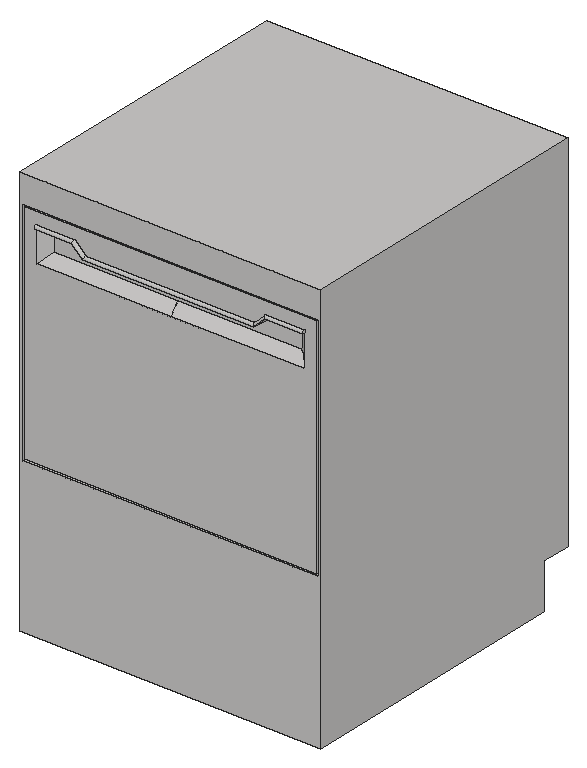
Revit family "QF_ELECTROLUXPROFESSIONAL_502717_ELAI1G4", category Specialty Equipment, Revit 2018
Family settings
  Round Connector Dimension = Use Diameter
  Part Type = Normal
  Work Plane-Based = No
  Always vertical = Yes
  Cut with Voids When Loaded = No
  Shared = No
  Room Calculation Point = No
Parameters
  Weight = 68.00 kg
  Watts = 0 W
  Volts = 0 V
  URL Manufacturer = ""
  URL = "http://professional.electrolux.com/"
  Steam Supply Size = 0 mm
  Steam Supply Minimum Pressure = 0.0 Pa
  Steam Supply Maximum Pressure = 0.0 Pa
  Steam Pounds per Hour = 0
  Show Logo [instance] = yes
  Show Clearance [instance] = yes
  Refrigeration Suction Line Size = 0 mm
  Refrigeration Liquid Line Size = 0 mm
  Refrigerant Compressor Remote = yes
  Manufacturer = ""
  Phase = 0
  Model = ""
  Length Actual = 600 mm  # constant formula
  Item Number = ""
  Hot Water Size = 0 mm
  Height Actual = 820 mm  # constant formula
  HP = "9.2 HP"
  Gas Size = 0 mm
  Gas KW = 0
  Gas Input Pressure = 0 W
  Direct Waste Size = 18 mm
  Description = ""
  Depth Actual = 615 mm  # constant formula
  Cycle = 0 Hz
  Condensate Return Size = 0 mm
  Compressed Air Volume = 0.0 L/s
  Compressed Air Size = 0 mm
  Compressed Air Pressure = 0.0 Pa
  Cold Water Size = 0 mm
  Accessory = yes
Types (2, lengths in mm): name | Volts | URL Manufacturer | URL | Manufacturer | Phase | Model | Item Number | Hot Water Size | Description | Cycle
  (no name) | 0 V | "" | "http://professional.electrolux.com/" | "" | 0 | "" | "" | 0 | "" | 0 Hz
  Standard | 240 V | "http://professional.electrolux.com" | "http://professional.electrolux.com" | "Electrolux Professional" | 1 | "ELAI1G4" | "502717" | 19.05 | "UNDERCOUNTER(L), WASH-SAFE, DOUBLE SKIN, 1PH, DP, DD, 540D/H-240V" | 60 Hz
Reference planes
  plane 1 "Center (Front/Back)": y = 0
  plane 2: z = 0
  plane 3 "Center (Left/Right)": x = 0
  plane 4 "LEFT": x = -300
  plane 5 "RIGHT": x = 300
  plane 6 "FRONT": y = -307.5
  plane 7 "BACK": y = 307.5
  plane 8: z = 830
  plane 9: z = 10
  plane 10: y = 268.5
Forms (mm)
  Extrusion 1, solid, material "QF_Finishes_Stainless Steel"
    sketch origin (0, 0, 0) x (1, 0, 0) y (0, 1, 0)
      loop
        line (-300, -307.5) -> (300, -307.5) -> (300, 249.5) -> (-300, 249.5) -> (-300, -307.5)
    from 10 to 830
  Extrusion 2, solid, material "QF_Finishes_Stainless Steel"
    sketch origin (0, 0, 0) x (1, 0, 0) y (0, 1, 0)
      loop
        line (-300, 249.5) -> (300, 249.5) -> (300, 307.5) -> (-300, 307.5) -> (-300, 249.5)
    from 100 to 830
  Extrusion 3, solid, material "QF_Finishes_Stainless Steel"
    sketch origin (0, 0, 0) x (1, 0, 0) y (0, 1, 0)
      loop
        circle (-254, 193.5) r 12.5
      loop
        circle (254, 193.5) r 12.5
      loop
        circle (-254, -237.5) r 12.5
      loop
        circle (254, -237.5) r 12.5
    from 0 to 10
  Extrusion 4, void
    sketch origin (-300, -307.5, 0) x (-1, 0, 0) y (0, 0, 1)
      loop
        line (-5, 773.217) -> (-595, 773.217) -> (-595, 315.188) -> (-5, 315.188) -> (-5, 773.217)
    from 0 to 30
  Extrusion 5, solid, material "QF_Finishes_Stainless Steel"
    sketch origin (-274, -411, 733) x (0, 0, -1) y (1, 0, 0)
      loop
        circle (693, 143) r 10
    from -660.5 to -718.5
  Extrusion 6, solid, material "QF_Door-Drawer Clearances", visible <- "Show Clearance", detail levels coarse
    sketch origin (-230, -282.5, 0) x (0, 1, 0) y (0, 0, -1)
      loop
        line (-25, -319.312) -> (-397, -319.312)
        arc (-397, -319.312) -> (-298.139, -616.581) -> (-25, -770) r 434.302
        line (-25, -770) -> (-25, -319.312)
    from 61.225 to -521.647
  Extrusion 7, solid, material "QF_Finishes_Stainless Steel"
    sketch origin (-331.481, -411, 703) x (0, 0, -1) y (1, 0, 0)
      loop
        circle (663, 252.481) r 8
    from -660.5 to -718.5
  Extrusion 8, solid, material "QF_Finishes_Stainless Steel"
    sketch origin (-230, -282.5, 0) x (0, 1, 0) y (0, 0, -1)
      loop
        line (-25, -319.312) -> (-25, -770) -> (0, -770) -> (0, -319.312) -> (-25, -319.312)
    from 61.225 to -521.647
  Extrusion 9, solid, material "QF_Finishes_Stainless Steel"
    sketch origin (-301, 942.75, 760.5) x (0, -1, 0) y (1, 0, 0)
      loop
        circle (663, 158) r 8
    from -660.5 to -670.5
  Blend 10, void
    base sketch origin (-230, -307.5, 770) x (0, 0, -1) y (1, 0, 0)
      loop
        line (93.563, -37.311) -> (93.563, 230) -> (93.563, 497.311) -> (28.563, 497.311) -> (28.563, 422.311) -> (49.776, 401.098) -> (49.776, 230) -> (49.776, 58.902) -> (28.563, 37.689) -> (28.563, -37.311) -> (93.563, -37.311)
    top sketch origin (-230, -307.5, 770) x (0, 0, -1) y (1, 0, 0)
      loop
        line (73.563, -17.311) -> (73.563, 230) -> (73.563, 477.311) -> (31.063, 477.311) -> (31.063, 422.311) -> (52.276, 401.098) -> (52.276, 58.902) -> (31.063, 37.689) -> (31.063, -17.311) -> (73.563, -17.311)
    from 0 to -19.433
  Sweep 11, solid, material "QF_Finishes_Stainless Steel"
    path origin (-230, -307.5, 770) x (0, 0, -1) y (1, 0, 0)
      loop
        line (28.563, -37.311) -> (28.563, 37.689) -> (49.776, 58.902) -> (49.776, 401.098) -> (28.563, 422.311) -> (28.563, 497.311)
    profile origin (-229.811, -307.5, 741.437) x (0, 0, 1) y (0, -1, 0)
      loop
        line (0, 0) -> (5, 0)
        arc (5, 0) -> (3.536, 3.536) -> (0, 5) r 5
        arc (0, 5) -> (-0.037, 0.962) -> (-0.394, -3.06) r 51.04
        line (-0.394, -3.06) -> (0, 0)
Cuts and joins
  Extrusion 4 cuts Extrusion 1
  joined: Extrusion 1, Extrusion 2
  Blend 10 cuts Extrusion 8
Lines and regions (mm)
  Split face 1
    outline origin (-300, -307.5, 830) x (0, 0, -1) y (1, 0, 0)
      loop
        line (56.783, 5) -> (56.783, 0)
      loop
        line (56.783, 595) -> (56.783, 600)
      loop
        line (37.034, 600) -> (37.034, 514.297)
        arc (37.034, 514.297) -> (37.64, 511.25) -> (39.366, 508.667) r 7.962
        line (39.366, 508.667) -> (44.289, 503.744)
        arc (44.289, 503.744) -> (46.135, 500.982) -> (46.783, 497.723) r 8.515
        line (46.783, 497.723) -> (46.783, 87.277)
        arc (46.783, 87.277) -> (46.135, 84.018) -> (44.289, 81.256) r 8.515
        line (44.289, 81.256) -> (39.366, 76.333)
        arc (39.366, 76.333) -> (37.64, 73.75) -> (37.034, 70.703) r 7.962
        line (37.034, 70.703) -> (37.034, 0)
  Split face 2
    outline origin (-300, -307.5, 830) x (0, 0, -1) y (1, 0, 0)
      loop
        line (13.15, 274.82) -> (37.034, 274.82) -> (37.034, 325.18) -> (13.15, 325.18) -> (13.15, 274.82)
  symbolic lines
    curve 1: line (-300, 307.5, 0) -> (300, 307.5, 0)
    curve 2: line (-300, -307.5, 0) -> (-300, 307.5, 0)
    curve 3: line (300, -307.5, 0) -> (-300, -307.5, 0)
    curve 4: line (300, 307.5, 0) -> (300, -307.5, 0)
  symbolic lines, style "QF_Door-Drawer Clearances"
    curve 5: line (-291.225, -679.5, 0) -> (291.647, -679.5, 0)
    curve 6: line (291.647, -679.5, 0) -> (291.647, -307.5, 0)
    curve 7: line (-291.225, -679.5, 0) -> (-291.225, -307.5, 0)
  symbolic lines, style "SpecialityEquipmentHiddenLines"
    curve 8: line (-300, 249.5, 0) -> (300, 249.5, 0)
Dimensions and locks
  equal spacing: plane 4 "LEFT", plane 3 "Center (Left/Right)", plane 5 "RIGHT"
  equal spacing: plane 7 "BACK", plane 1 "Center (Front/Back)", plane 6 "FRONT"
  plane 7 "BACK" to plane 6 "FRONT" = 615 mm
  plane 4 "LEFT" to plane 5 "RIGHT" = 600 mm
  locked: plane 9 to level at 10
  plane 4 "LEFT" to plane 3 "Center (Left/Right)" = 300 mm
  plane 8 to level = 830 mm  (x2)
  Extrusion 9 sketch curve to plane 4 "LEFT" = 157 mm
  level to Extrusion 5 sketch curve = 40 mm
  Extrusion 5 sketch curve to plane 4 "LEFT" = 169 mm
  Extrusion 7 sketch curve to plane 4 "LEFT" = 221 mm
  level to Extrusion 7 sketch curve = 40 mm
  Extrusion 3 to cut or joined group of Extrusion 1, Extrusion 2, Extrusion 4 = 114 mm
  Extrusion 3 to Extrusion 3 = 431 mm
  plane 6 "FRONT" to Extrusion 3 = 70 mm
  plane 1 "Center (Front/Back)" to plane 6 "FRONT" = 307.5 mm
  locked: plane 7 "BACK" to plane 10 at 39
  plane 7 "BACK" to curve 5 = 987 mm
  Extrusion 8 to cut or joined group of Extrusion 1, Extrusion 2, Extrusion 4 = 454.812 mm
  aligned and locked: level to plane 2
  aligned and locked: Extrusion 1 sketch curve to plane 6 "FRONT"
  aligned and locked: Extrusion 1 sketch curve to plane 4 "LEFT"
  aligned and locked: plane 5 "RIGHT" to Extrusion 1 sketch curve
  aligned and locked: Extrusion 1 to plane 9
  aligned and locked: Extrusion 2 sketch curve to Extrusion 1
  aligned and locked: plane 7 "BACK" to Extrusion 2 sketch curve
  aligned and locked: plane 5 "RIGHT" to Extrusion 2 sketch curve
  aligned and locked: plane 9 to Extrusion 3
Automatic sketch dimensions
  Extrusion 1 sketch curve to plane 10 = 19 mm
  Extrusion 2 sketch curve to plane 10 = 19 mm
  plane 4 "LEFT" to Extrusion 3 sketch curve = 46 mm  (x2)
  Extrusion 3 sketch curve to plane 5 "RIGHT" = 46 mm  (x2)
  plane 6 "FRONT" to Extrusion 3 sketch curve = 70 mm  (x2)
  Extrusion 3 sketch curve to plane 10 = 75 mm  (x2)
  Extrusion 4 sketch curve to Extrusion 1 = 5 mm  (x2)
  Extrusion 4 sketch curve to Extrusion 1 = 305.188 mm
  Extrusion 4 sketch curve to Extrusion 1 = 56.783 mm
  Extrusion 8 sketch curve to plane 6 "FRONT" = 0 mm
  Extrusion 8 sketch curve to Extrusion 8 sketch curve = 25 mm
  Extrusion 8 sketch curve to plane 8 = 60 mm
  plane 9 to Extrusion 8 sketch curve = 309.312 mm
  cut or joined group of Extrusion 1, Extrusion 2, Extrusion 4 to Split face 1 sketch curve = 0 mm  (x2)
  Split face 1 sketch curve to cut or joined group of Extrusion 1, Extrusion 2, Extrusion 4 = 0 mm  (x6)
  cut or joined group of Extrusion 1, Extrusion 2, Extrusion 4 to Split face 1 sketch curve = 10 mm
  Split face 1 sketch curve to Split face 1 sketch curve = 2.494 mm  (x2)
  Split face 1 sketch curve to Split face 1 sketch curve = 8.515 mm  (x2)
  cut or joined group of Extrusion 1, Extrusion 2, Extrusion 4 to Split face 1 sketch curve = 11.786 mm  (x2)
  Split face 1 sketch curve to Split face 1 sketch curve = 5.63 mm  (x2)
  Split face 1 sketch curve to Split face 1 sketch curve = 2.332 mm  (x2)
  Split face 1 sketch curve to cut or joined group of Extrusion 1, Extrusion 2, Extrusion 4 = 65.703 mm
  Split face 1 sketch curve to Split face 1 sketch curve = 4.923 mm  (x2)
  Split face 1 sketch curve to cut or joined group of Extrusion 1, Extrusion 2, Extrusion 4 = 97.277 mm
  Split face 2 sketch curve to cut or joined group of Extrusion 1, Extrusion 2, Extrusion 4 = 13.15 mm
  cut or joined group of Extrusion 1, Extrusion 2, Extrusion 4 to Split face 2 sketch curve = 19.749 mm
  Split face 2 sketch curve to cut or joined group of Extrusion 1, Extrusion 2, Extrusion 4 = 269.82 mm
  Split face 2 sketch curve to Split face 2 sketch curve = 50.359 mm
  curve 1 to plane 4 "LEFT" = 0 mm
  curve 7 to plane 6 "FRONT" = 0 mm
  curve 4 to plane 5 "RIGHT" = 0 mm
  curve 8 to plane 10 = 19 mm
  curve 2 to plane 7 "BACK" = 0 mm
  plane 4 "LEFT" to curve 5 = 8.775 mm
  curve 6 to plane 5 "RIGHT" = 8.353 mm
  Extrusion 6 sketch curve to plane 6 "FRONT" = 0 mm
  plane 6 "FRONT" to Extrusion 6 sketch curve = 61.803 mm
  plane 9 to Extrusion 6 sketch curve = 330.118 mm
  Extrusion 6 sketch curve to Extrusion 6 sketch curve = 20.806 mm
  Extrusion 6 sketch curve to plane 6 "FRONT" = 372 mm
  Blend 10 sketch curve to Extrusion 8 = 28.563 mm  (x2)
  Blend 10 sketch curve to Extrusion 8 = 49.776 mm
  Blend 10 sketch curve to Blend 10 sketch curve = 65 mm
  Extrusion 8 to Blend 10 sketch curve = 23.913 mm
  Blend 10 sketch curve to Blend 10 sketch curve = 75 mm  (x2)
  Blend 10 sketch curve to Blend 10 sketch curve = 21.213 mm  (x5)
  Blend 10 sketch curve to Blend 10 sketch curve = 171.098 mm  (x2)
  Blend 10 sketch curve to Blend 10 sketch curve = 0 mm
  Extrusion 8 to Blend 10 sketch curve = 120.549 mm
  Extrusion 8 to Blend 10 sketch curve = 99.335 mm
  Extrusion 8 to Blend 10 sketch curve = 43.913 mm
  Blend 10 sketch curve to Blend 10 sketch curve = 42.5 mm
  Extrusion 8 to Blend 10 sketch curve = 44.335 mm
  Blend 10 sketch curve to Blend 10 sketch curve = 55 mm  (x2)
  Blend 10 sketch curve to Extrusion 8 = 31.063 mm
  Extrusion 8 to Sweep 11 sketch curve = 98.913 mm
  Sweep 11 sketch curve to Sweep 11 sketch curve = 21.213 mm  (x4)
  Extrusion 8 to Sweep 11 sketch curve = 23.913 mm
  Sweep 11 sketch curve to Extrusion 8 = 28.563 mm
  Extrusion 8 to Sweep 11 sketch curve = 99.335 mm
  Extrusion 8 to Sweep 11 sketch curve = 24.335 mm
  profile plane to Sweep 11 sketch curve = 0 mm  (x2)
  Sweep 11 sketch curve to profile plane = 0 mm
  profile plane to Sweep 11 sketch curve = 3.452 mm
  Sweep 11 sketch curve to Sweep 11 sketch curve = 5 mm
  profile plane to Sweep 11 sketch curve = 0.394 mm
  Sweep 11 sketch curve to profile plane = 3.06 mm
  plane 10 to Extrusion 9 sketch curve = 11.25 mm
  radius of Extrusion 3 sketch curve = 12.5 mm  (x4)
  radius of Extrusion 5 sketch curve = 10 mm
  radius of Extrusion 7 sketch curve = 8 mm
  radius of Extrusion 9 sketch curve = 8 mm
Connectors
  piping at (-131, 307.5, 40), diameter 20
    settings: on Extrusion 5, index 1, connector inside diameter 609.6 mm, connector length 0 mm, flow factor 0, pipe flow 0.0 L/s, pressure drop 0.0 Pa, fitting loss kfactor 0, connector angle 0.00°, fixture units 0, engagement length 0 mm, angle of deflection 0.00°, flow configuration 1, flow direction 1, fitting loss method 0, system type 16, joint type 0, gender type 0, connector reference index -1, connector utility 0, adjustable connector no, is connector primary yes, connector description "Drain"
  piping at (-79, 307.5, 40), diameter 16
    settings: on Extrusion 7, index 3, connector inside diameter 609.6 mm, connector length 0 mm, flow factor 0, pipe flow 0.0 L/s, pressure drop 0.0 Pa, fitting loss kfactor 0, connector angle 0.00°, fixture units 0, engagement length 0 mm, angle of deflection 0.00°, flow configuration 1, flow direction 1, fitting loss method 0, system type 20, joint type 0, gender type 0, connector reference index -1, connector utility 0, adjustable connector no, is connector primary no, connector description "Cold Water Inlet"
  electrical at (-143, 279.75, 90), driven by "Volts"
    settings: on Extrusion 9, index 4, voltage 0 V, apparent load 0 VA, apparent load phase1 0 VA, apparent load phase2 0 VA, apparent load phase3 0 VA, power factor 1, load classification "Altro", number of poles 1, system type 31, power factor state 1, is connector primary yes, connector utility no, sub classification motor no, connector description "Electrical Connection"
